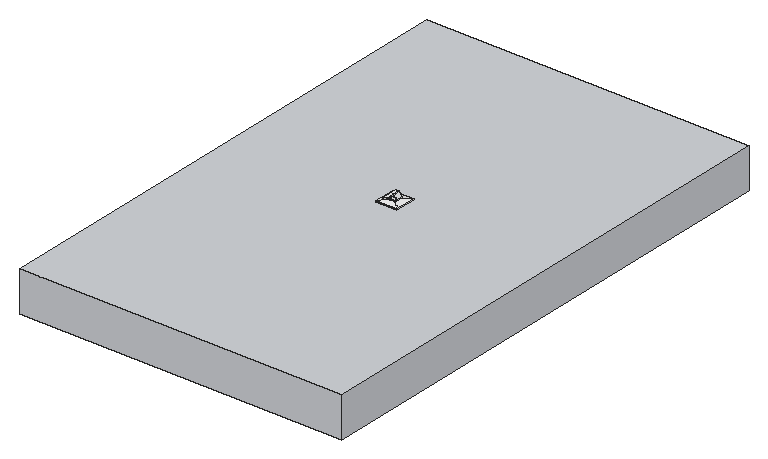
Revit family "Valve_Trim-Pressure_Balance-Grohe-Allure_Brilliant-14471000", category Plumbing Fixtures, host Face, Revit 2019
Family settings
  Host = Face
  Round Connector Dimension = Use Diameter
  Part Type = Normal
  OmniClass Number = 23.45.05.14.17
  OmniClass Title = Showers
  Cut with Voids When Loaded = No
  Shared = Yes
  Room Calculation Point = No
Parameters (values of type "14471000")
  Width = if([Handle Width (2-3/8" to 3-3/8")] < 2 3/8", 2 3/8", if([Handle Width (2-3/8" to 3-3/8")] > 3 3/8", 3 3/8", [Handle Width (2-3/8" to 3-3/8")]))  # 2 3/8"
  Waste Connection = no
  WFU = 4  # constant formula
  Vent Connection = no
  URL = "https://www.grohe.us/"
  Type Comments = ""
  Revised Date = "05/13/2021"
  Product Page URL = "https://www.grohe.us/Bath-Shower-Trim-Kits/Pressure-Balance-Valve-Trim-with-Cartridge/GROHE-CHROME-14471000"
  Product Documentation Link = "https://americanstandard.box.com/shared/static/k0qqwxf4c3eurbo3z7ksn8gfp64xuvzf.pdf"
  Price = "Prices may vary. Please consult Manufacturer Representative for most up-to-date price list."  # constant formula
  Model = "14471000"
  Material = "Metal-Grohe-000-Starlight Chrome"
  Manufacturer = "Grohe"
  Length = 6 1/4"
  Installation Type = "Wall Mounted"
  Height = 6 3/4"
  Handle Width (2-3/8" to 3-3/8") = 2 3/8"
  HWFU = 3  # constant formula
  HW Connection = no
  Flow Rate = "5.2 gpm (bottom) and 3.0 gpm (top port) at 45 psi (19 L/min)"
  Finish = Metal-Grohe-000-Starlight Chrome
  Description = "Allure Brilliant Pressure Balance Trim with Cartridge"  # constant formula
  Default Elevation = 44"  # constant formula
  Creation Date = "03/11/2020"  # constant formula
  CWFU = 3  # constant formula
  CW Connection = no
  Assembly Code = "D2010710"
  ADA Compliant = yes
Reference planes (in)
  plane 1 "Center (Front/Back)": y = 0
  plane 2: z = 0
  plane 3 "Center (Left/Right)": x = 0
  plane 4: y = 1.125
  plane 5: y = -1.125
  plane 6: x = -1.125
  plane 7: x = 1.125
  plane 8: x = -3.125
  plane 9: x = 3.125
  plane 10: y = 3.125
  plane 11: y = -3.125
  plane 12: y = -3.625
  plane 13: z = 0.8125
  plane 14: z = 2.375
  plane 15: y = 1.21875
  plane 16: z = 0.9375
  plane 17: z = 1
  plane 18: y = 0.875
  plane 19: z = 2.30736
  plane 20: x = -0.59928
  plane 21: x = 0.59928
Forms (in)
  Extrusion 1, solid
    sketch origin (0, 0, 0) x (1, 0, 0) y (0, 1, 0)
      loop
        line (-48, 72) -> (-48, -79.70833) -> (48, -79.70833) -> (48, 72) -> (-48, 72)
    from 0 to -12
  Sweep 2, solid, material "Metal-Grohe-000-Starlight Chrome" <- "Finish"
    path origin (0, 0, 0) x (1, 0, 0) y (0, 1, 0)
      loop
        line (-3.125, 3.125) -> (-3.125, -3.125) -> (3.125, -3.125) -> (3.125, 3.125) -> (-3.125, 3.125)
    profile origin (0, 3.125, 0) x (0, 1, 0) y (0, 0, 1)
      loop
        line (0, 0) -> (0, 0.38299) -> (-1.90625, 0.8125) -> (-2.08951, 0.8125) -> (-2.08951, 0) -> (0, 0)
  Extrusion 3, solid, material "Metal-Grohe-000-Starlight Chrome" <- "Finish"
    sketch origin (0, 0, 0) x (1, 0, 0) y (0, 1, 0)
      loop
        line (-1.125, 1.125) -> (-1.125, -1.125) -> (1.125, -1.125) -> (1.125, 1.125) -> (-1.125, 1.125)
    from 0 to 0.9375
  Blend 4, solid, material "Metal-Grohe-000-Starlight Chrome" <- "Finish"
    base sketch origin (0, 0, 0) x (1, 0, 0) y (0, 1, 0)
      loop
        line (-1.125, 1.125) -> (-1.125, -1.125) -> (1.125, -1.125) -> (1.125, 1.125) -> (-1.125, 1.125)
    top sketch origin (0, 0, 0) x (1, 0, 0) y (0, 1, 0)
      loop
        line (-0.4309, 0.875) -> (-0.4309, -0.875) -> (0.4309, -0.875) -> (0.4309, 0.875) -> (-0.4309, 0.875)
    from 1 to 2.375
  Extrusion 5, solid, material "Metal-Grohe-000-Starlight Chrome" <- "Finish"
    sketch origin (0, 0, 0) x (1, 0, 0) y (0, 1, 0)
      loop
        circle (0, 0) r 0.95757
    from 0.9375 to 1
  Extrusion 6, void
    sketch origin (0, 0, 0) x (-0.707107, 0.707107, 0) y (0, 0, 1)
      loop
        line (-1.59099, 1) -> (-0.55485, 2.375) -> (-1.59099, 2.375) -> (-1.59099, 1)
    from -1.66656 to 1.24269
  Extrusion 7, void
    sketch origin (0, 0, 0) x (0.707107, 0.707107, 0) y (0, 0, -1)
      loop
        line (-1.59099, -1) -> (-1.59099, -2.375) -> (-0.55485, -2.375) -> (-1.59099, -1)
    from -1.66656 to 1.24269
  Blend 8, solid, material "Metal-Grohe-000-Starlight Chrome" <- "Finish"
    base sketch origin (0, 0, 0) x (1, 0, 0) y (0, 1, 0)
      loop
        line (-0.64062, -3.625) -> (0.64063, -3.625) -> (0.46177, 0.875) -> (-0.46177, 0.875) -> (-0.64062, -3.625)
    top sketch origin (0, 0, 0) x (1, 0, 0) y (0, 1, 0)
      loop
        line (-0.57061, -3.625) -> (0.57061, -3.625) -> (0.4309, 0.875) -> (-0.4309, 0.875) -> (-0.57061, -3.625)
    from 2.2098 to 2.375
  Extrusion 9, void
    sketch origin (0, 0, 0) x (0, 1, 0) y (0, 0, 1)
      loop
        line (-3.625, 2.30736) -> (-3.625, 2.21187) -> (-0.44529, 2.21187) -> (-3.625, 2.30736)
    from -1.125 to 1.125
  Extrusion 10, solid, material "Metal-Grohe-000-Starlight Chrome" <- "Finish"
    sketch origin (0, 0, 0) x (0, 1, 0) y (0, 0, 1)
      loop
        line (-0.39469, 2.21035) -> (-3.625, 2.30736) -> (-0.39469, 2.05722) -> (-0.39469, 2.21035)
    from -0.59928 to 0.59928
  Extrusion 11, void
    sketch origin (0, 0, 0) x (1, 0, 0) y (0, 1, 0)
      loop
        line (-0.59928, -3.625) -> (-0.50598, -0.15796) -> (-0.59928, -0.15796) -> (-0.59928, -3.625)
      loop
        line (0.59928, -3.625) -> (0.59928, -0.15796) -> (0.50598, -0.15796) -> (0.59928, -3.625)
    from 1.95502 to 2.375
Cuts and joins
  Extrusion 6, Extrusion 7, Extrusion 9 cuts Sweep 2
  Extrusion 6, Extrusion 7, Extrusion 9 cuts Extrusion 3
  Extrusion 6, Extrusion 7 cuts Blend 4
  Extrusion 6, Extrusion 7, Extrusion 9 cuts Extrusion 5
  Extrusion 9 cuts Blend 8
  joined: Sweep 2, Extrusion 3, Blend 4, Extrusion 5, Blend 8
  Extrusion 11 cuts Extrusion 10
Lines and regions (in)
  Masking region 1
    outline origin (0, 0, 0) x (1, 0, 0) y (0, 0, 1)
      loop
        line (-3.125, 0) -> (3.125, 0) -> (3.125, 0.38299) -> (1.21875, 0.8125) -> (1.125, 0.8125) -> (1.125, 0.9375) -> (0.95757, 0.9375) -> (0.95757, 1) -> (1.125, 1) -> (0.54455, 2.14986) -> (0.59928, 2.30736) -> (0.57061, 2.375) -> (-0.57061, 2.375) -> (-0.59928, 2.30736) -> (-0.54455, 2.14986) -> (-1.125, 1) -> (-0.95757, 1) -> (-0.95757, 0.9375) -> (-1.125, 0.9375) -> (-1.125, 0.8125) -> (-1.21875, 0.8125) -> (-3.125, 0.38299) -> (-3.125, 0)
  symbolic lines, detail levels medium+fine
    curve 1: line (1.125, 0, 0.8125) -> (-1.125, 0, 0.8125)
    curve 2: line (0.95757, 0, 0.9375) -> (-0.95757, 0, 0.9375)
    curve 3: line (-0.95757, 0, 1) -> (0.95757, 0, 1)
    curve 4: line (0.54455, 0, 2.14986) -> (0.4309, 0, 2.375)
    curve 5: line (-0.54455, 0, 2.14986) -> (-0.4309, 0, 2.375)
  symbolic lines, detail levels fine
    curve 6: line (-3.125, 0, 0.38299) -> (3.125, 0, 0.38299)
    curve 7: spline (0.59928, 0, 2.30736) -> (0.59337, 0, 2.2994) -> (0.58724, 0, 2.29144) -> (0.58088, 0, 2.28348) -> (0.57431, 0, 2.27552) -> (0.56751, 0, 2.26757) -> (0.56049, 0, 2.25961) -> (0.55325, 0, 2.25165) -> (0.54579, 0, 2.24369) -> (0.5381, 0, 2.23574) -> (0.53019, 0, 2.22778) -> (0.52206, 0, 2.21982) -> (0.51371, 0, 2.21187)
    curve 8: spline (-0.51371, 0, 2.21187) -> (-0.52206, 0, 2.21982) -> (-0.53019, 0, 2.22778) -> (-0.5381, 0, 2.23574) -> (-0.54579, 0, 2.24369) -> (-0.55325, 0, 2.25165) -> (-0.56049, 0, 2.25961) -> (-0.56751, 0, 2.26757) -> (-0.57431, 0, 2.27552) -> (-0.58088, 0, 2.28348) -> (-0.58724, 0, 2.29144) -> (-0.59337, 0, 2.2994) -> (-0.59928, 0, 2.30736)
Dimensions and locks (in)
  plane 8 to plane 9 = 6 1/4"
  equal spacing: plane 8, plane 3 "Center (Left/Right)", plane 9
  plane 10 to plane 11 = 6 1/4"
  equal spacing: plane 10, plane 1 "Center (Front/Back)", plane 11
  "Height": plane 10 to plane 12
  plane 4 to plane 5 = 2 1/4"
  equal spacing: plane 4, plane 1 "Center (Front/Back)", plane 5
  plane 6 to plane 7 = 2 1/4"
  equal spacing: plane 6, plane 3 "Center (Left/Right)", plane 7
  locked: plane 13 to Extrusion 1 at 0.8125
  locked: plane 1 "Center (Front/Back)" to Sweep 2 sketch curve at 1.03549
  "Width": plane 14 to level
  locked: plane 4 to plane 15 at 0.09375
  plane 13 to level = 13/16"
  locked: plane 1 "Center (Front/Back)" to Blend 4 sketch curve at 0.875
  Blend 4 sketch curve to plane 3 "Center (Left/Right)" to Blend 4 sketch curve = 0.4309" locked, 0.4309" locked
  locked: plane 17 to plane 16 at 0.0625
  Extrusion 7 to Extrusion 7 to plane 3 "Center (Left/Right)" to Extrusion 7 to Extrusion 7 = 0.73266" locked, 1.27106" locked, 0.05343" locked, 0.73266" locked
  Extrusion 7 to Extrusion 7 to Extrusion 7 to plane 1 "Center (Front/Back)" to Extrusion 7 = 0.73266" locked, 1.32449" locked, 0.24628" locked, 0.48638" locked
  locked: plane 14 to cut or joined group of Sweep 2, Extrusion 3, Blend 4, Extrusion 5, Extrusion 6, Extrusion 7, Blend 8, Extrusion 9 at 0.1652
  locked: plane 14 to Extrusion 9 sketch curve at 0.16313
  locked: Extrusion 9 sketch curve to plane 1 "Center (Front/Back)" at 0.44529
  locked: plane 14 to plane 19 at 0.06764
  locked: Extrusion 10 sketch curve to plane 1 "Center (Front/Back)" at 0.39469
  locked: plane 14 to plane 16 at 1.4375
  locked: plane 14 to Extrusion 7 sketch curve at 1.375
  locked: Extrusion 7 sketch curve to plane 1 "Center (Front/Back)" at 1.125
  Extrusion 11 sketch curve to plane 3 "Center (Left/Right)" to Extrusion 11 sketch curve = 0.59928" locked, 0.59928" locked
  plane 5 to Extrusion 11 sketch curve to Extrusion 11 sketch curve = 0.96704" locked, 0" locked
  locked: plane 14 to Extrusion 11 at 0.41998
  locked: Extrusion 6 sketch curve to plane 1 "Center (Front/Back)" at 1.125
  locked: plane 14 to Extrusion 6 sketch curve at 1.375
  curve 8 to plane 3 "Center (Left/Right)" to curve 7 = 316.17026" locked, 316.17026" locked
  plane 14 to curve 8 to curve 7 = 0.14034" locked, 0" locked
  aligned and locked: plane 2 to Extrusion 1
  aligned and locked: level to Extrusion 1
  aligned and locked: Sweep 2 sketch curve to plane 10
  aligned and locked: Sweep 2 sketch curve to plane 8
  aligned and locked: Sweep 2 sketch curve to plane 11
  aligned and locked: Sweep 2 sketch curve to plane 9
  aligned and locked: plane 13 to Sweep 2 sketch curve
  aligned and locked: Sweep 2 sketch curve to Extrusion 1
  aligned and locked: plane 10 to Sweep 2 sketch curve
  aligned and locked: Extrusion 3 sketch curve to plane 4
  aligned and locked: Extrusion 3 sketch curve to plane 7
  aligned and locked: Extrusion 3 sketch curve to plane 5
  aligned and locked: Extrusion 3 sketch curve to plane 6
  aligned and locked: Extrusion 3 to level
  aligned and locked: Blend 4 sketch curve to plane 6
  aligned and locked: Blend 4 sketch curve to plane 4
  aligned and locked: Blend 4 sketch curve to plane 5
  aligned and locked: Blend 4 sketch curve to plane 7
  aligned and locked: plane 1 "Center (Front/Back)" to Extrusion 5 sketch curve
  aligned and locked: plane 3 "Center (Left/Right)" to Extrusion 5 sketch curve
  aligned and locked: plane 14 to Blend 4
  aligned and locked: Extrusion 5 to Blend 4
  aligned and locked: plane 16 to Extrusion 3
  aligned and locked: Extrusion 5 to Extrusion 3
  aligned and locked: Extrusion 5 to plane 17
  aligned and locked: plane 7 to Extrusion 9
  aligned and locked: plane 6 to Extrusion 9
  aligned and locked: Extrusion 9 sketch curve to plane 12
  aligned and locked: Extrusion 10 to plane 20
  aligned and locked: plane 21 to Extrusion 10
  aligned and locked: Blend 8 to Blend 4
  aligned and locked: Extrusion 7 sketch curve to plane 14
  aligned and locked: Extrusion 7 sketch curve to plane 5
  aligned and locked: plane 14 to Extrusion 11
  aligned and locked: Extrusion 6 sketch curve to plane 14
  aligned and locked: Extrusion 6 sketch curve to plane 5
  aligned and locked: Masking region 1 sketch curve to cut or joined group of Sweep 2, Extrusion 3, Blend 4, Extrusion 5, Extrusion 6, Extrusion 7, Blend 8, Extrusion 9  (x19)
  aligned and locked: cut or joined group of Sweep 2, Extrusion 3, Blend 4, Extrusion 5, Extrusion 6, Extrusion 7, Blend 8, Extrusion 9 to Masking region 1 sketch curve  (x2)
  aligned and locked: cut or joined group of Extrusion 10, Extrusion 11 to Masking region 1 sketch curve
  aligned and locked: Masking region 1 sketch curve to cut or joined group of Extrusion 10, Extrusion 11
  aligned and locked: cut or joined group of Sweep 2, Extrusion 3, Blend 4, Extrusion 5, Extrusion 6, Extrusion 7, Blend 8, Extrusion 9 to curve 1  (x2)
  aligned and locked: curve 2 to cut or joined group of Sweep 2, Extrusion 3, Blend 4, Extrusion 5, Extrusion 6, Extrusion 7, Blend 8, Extrusion 9
  aligned and locked: cut or joined group of Sweep 2, Extrusion 3, Blend 4, Extrusion 5, Extrusion 6, Extrusion 7, Blend 8, Extrusion 9 to curve 2
  aligned and locked: curve 3 to cut or joined group of Sweep 2, Extrusion 3, Blend 4, Extrusion 5, Extrusion 6, Extrusion 7, Blend 8, Extrusion 9
  aligned and locked: cut or joined group of Sweep 2, Extrusion 3, Blend 4, Extrusion 5, Extrusion 6, Extrusion 7, Blend 8, Extrusion 9 to curve 3
  aligned and locked: cut or joined group of Extrusion 10, Extrusion 11 to curve 4
  aligned and locked: cut or joined group of Sweep 2, Extrusion 3, Blend 4, Extrusion 5, Extrusion 6, Extrusion 7, Blend 8, Extrusion 9 to curve 4
  aligned and locked: cut or joined group of Extrusion 10, Extrusion 11 to curve 5
  aligned and locked: curve 5 to cut or joined group of Sweep 2, Extrusion 3, Blend 4, Extrusion 5, Extrusion 6, Extrusion 7, Blend 8, Extrusion 9
  aligned and locked: curve 6 to cut or joined group of Sweep 2, Extrusion 3, Blend 4, Extrusion 5, Extrusion 6, Extrusion 7, Blend 8, Extrusion 9
Automatic sketch dimensions
  Extrusion 1 sketch curve to Extrusion 1 sketch curve = 96"
  Extrusion 1 sketch curve to Extrusion 1 sketch curve = 151.70833"
  Sweep 2 sketch curve to plane 15 = 0"
  level to Sweep 2 sketch curve = 0.38299"
  Blend 4 sketch curve to plane 5 = 1/4"
  Extrusion 7 sketch curve to plane 17 = 0"
  Extrusion 7 sketch curve to Extrusion 7 sketch curve = 1.03614"
  Blend 8 sketch curve to plane 12 = 0"  (x2)
  plane 18 to Blend 8 sketch curve = 0"  (x2)
  Blend 8 sketch curve to plane 6 = 0.55439"
  Blend 8 sketch curve to plane 7 = 0.55439"
  Blend 8 sketch curve to plane 3 "Center (Left/Right)" = 0.4309"
  plane 3 "Center (Left/Right)" to Blend 8 sketch curve = 0.4309"
  Blend 8 sketch curve to plane 6 = 31/64"
  Blend 8 sketch curve to plane 7 = 31/64"
  Blend 8 sketch curve to plane 3 "Center (Left/Right)" = 0.46177"
  plane 3 "Center (Left/Right)" to Blend 8 sketch curve = 0.46177"
  Extrusion 9 sketch curve to plane 14 = 0.06764"
  Extrusion 10 sketch curve to plane 12 = 0"
  plane 19 to Extrusion 10 sketch curve = 0"
  plane 19 to Extrusion 10 sketch curve = 0.09701"
  Extrusion 10 sketch curve to Extrusion 10 sketch curve = 0.15313"
  Extrusion 11 sketch curve to plane 12 = 0"  (x2)
  plane 20 to Extrusion 11 sketch curve = 0.09329"
  Extrusion 11 sketch curve to Extrusion 11 sketch curve = 0.09329"
  Extrusion 6 sketch curve to plane 17 = 0"
  Extrusion 6 sketch curve to Extrusion 6 sketch curve = 1.03614"
  plane 6 to curve 1 = 0"
  curve 5 to plane 14 = 0"
  curve 4 to plane 14 = 0"
  curve 3 to curve 2 = 0"  (x2)
  plane 8 to curve 6 = 0"
  curve 6 to plane 9 = 0"
  curve 8 to plane 19 = 0"
  curve 8 to plane 20 = 0"
  curve 7 to plane 19 = 0"
  curve 7 to plane 21 = 0"
  curve 5 to curve 8 = 0.03083"
  curve 7 to curve 4 = 0.03083"
  curve 4 to curve 7 = 0.062"
  curve 5 to curve 8 = 0.062"
  radius of Extrusion 5 sketch curve = 0.95757"
